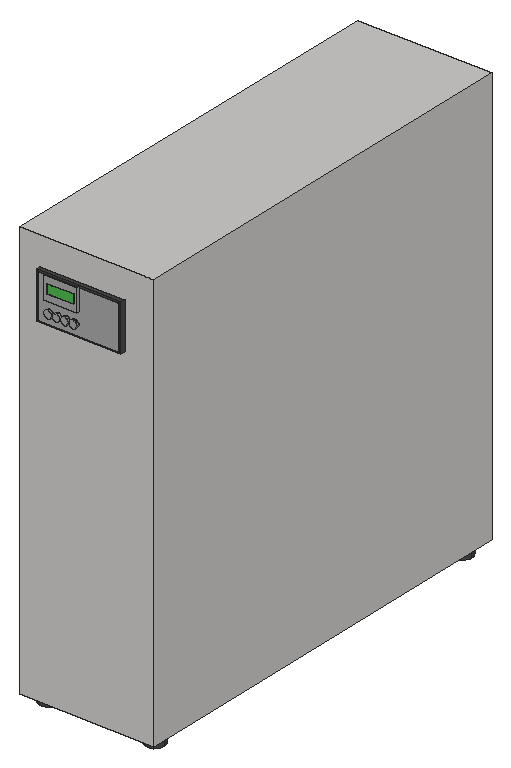
Revit family "QF_ZANUSSI_864388_REVOSFATM", category Attrezzature speciali, Revit 2020
Family settings
  Quota connettore circolare = Usa diametro
  Tipo di parte = Normale
  Basato su piano di lavoro = No
  Sempre verticale = Sì
  Taglio con vuoti quando caricato = No
  Condiviso = No
  Punto di calcolo locali = No
Parameters (values of type "Standard")
  Weight = 0.00 kg
  Watts = 0 W
  Volts = 0 V
  URL Manufacturer = ""
  URL = "http://professional.electrolux.com/"
  Steam Supply Size = 0 mm
  Steam Supply Minimum Pressure = 0.0 Pa
  Steam Supply Maximum Pressure = 0.0 Pa
  Steam Consumption per Hour = 0
  Show Clearance [instance] = yes
  Refrigeration Suction Line Size = 0 mm
  Refrigeration Liquid Line Size = 0 mm
  Refrigerant Compressor Remote = yes
  Prospetto di default = 0 mm
  Produttore = "Zanussi"
  Phase = 0
  Model = "NLDE"
  Length Actual = 143 mm  # constant formula
  Item Number = ""
  Hot Water Size = 0 mm
  Height Actual = 455 mm  # constant formula
  HP = ""
  Gas Size = 0 mm
  Gas KW = 0
  Gas Input Pressure = 0 W
  Direct Waste Size = 0 mm
  Description = "LARGE DRYER WITH DOOR RT-ELEC."
  Depth Actual = 483 mm  # constant formula
  Cycle = 0 Hz
  Condensate Return Size = 0 mm
  Compressed Air Volume = 0.0 L/s
  Compressed Air Size = 0 mm
  Compressed Air Pressure = 0.0 Pa
  Cold Water Size = 0 mm
  Accessory = yes
Reference planes
  plane 1 "Center X": y = -14.242
  plane 2: z = 0
  plane 3 "Center Y": x = 128.437
  plane 4 "LEFT": x = 56.937
  plane 5 "RIGHT": x = 199.937
  plane 6 "BACK": y = 210.758
  plane 7 "FRONT": y = -239.242
  plane 8 "TOP": z = 456
  plane 9: z = 10
  plane 10: x = 71.937
  plane 11: x = 184.937
  plane 12: y = 190.758
  plane 13: y = -219.242
  plane 14: z = 425.907
Forms (mm)
  Extrusion 1, solid, material "QF_Finishes_Stainless Steel"
    sketch origin (48.5, 900.258, 377.242) x (1, 0, 0) y (0, 0, 1)
      loop
        circle (128.437, -14.242) r 8
    from 679.5 to 689.5
  Extrusion 2, solid, material "QF_Finishes_Stainless Steel"
    sketch origin (0, 0, 0) x (1, 0, 0) y (0, 1, 0)
      loop
        line (56.937, 210.758) -> (56.937, -239.242) -> (199.937, -239.242) -> (199.937, 210.758) -> (56.937, 210.758)
    from 10 to 456
  Extrusion 3, solid, material "QF_Finishes_Stainless Steel"
    sketch origin (-4, 900.258, 404.742) x (1, 0, 0) y (0, 0, 1)
      loop
        circle (128.437, -14.242) r 7
    from 679.5 to 689.5
  Extrusion 4, solid, material "QF_Finishes_Stainless Steel"
    sketch origin (43.5, 900.258, 437.242) x (1, 0, 0) y (0, 0, 1)
      loop
        circle (128.437, -14.242) r 7
    from 679.5 to 689.5
  Extrusion 5, solid, material "QF_Finishes_Stainless Steel"
    sketch origin (0, 210.758, -28) x (-1, 0, 0) y (0, 0, 1)
      loop
        line (-96.937, 481) -> (-96.937, 441) -> (-56.937, 441) -> (-56.937, 481) -> (-96.937, 481)
    from 0 to 4
Dimensions and locks
  plane 4 "LEFT" to plane 5 "RIGHT" = 143 mm
  equal spacing: plane 6 "BACK", plane 1 "Center X", plane 7 "FRONT"
  plane 6 "BACK" to plane 7 "FRONT" = 450 mm
  equal spacing: plane 4 "LEFT", plane 3 "Center Y", plane 5 "RIGHT"
  plane 2 to plane 8 "TOP" = 456 mm
  plane 9 to plane 2 = 10 mm
  locked: plane 8 "TOP" to plane 14 at 30.093
  aligned and locked: level to plane 2
  aligned and locked: Extrusion 2 sketch curve to plane 6 "BACK"
  aligned and locked: plane 4 "LEFT" to Extrusion 2 sketch curve
  aligned and locked: plane 7 "FRONT" to Extrusion 2 sketch curve
  aligned and locked: Extrusion 2 sketch curve to plane 5 "RIGHT"
  aligned and locked: Extrusion 2 to plane 8 "TOP"
  aligned and locked: Extrusion 2 to plane 9
  aligned and locked: nested 5 to plane 14
  aligned and locked: plane 3 "Center Y" to nested 5
Automatic sketch dimensions
  plane 11 to Extrusion 1 sketch curve = 8 mm
  Extrusion 1 sketch curve to plane 14 = 62.907 mm
  plane 10 to Extrusion 3 sketch curve = 52.5 mm
  Extrusion 3 sketch curve to plane 14 = 35.407 mm
  Extrusion 4 sketch curve to plane 14 = 2.907 mm
  plane 11 to Extrusion 4 sketch curve = 13 mm
  plane 10 to Extrusion 5 sketch curve = 25 mm
  Extrusion 5 sketch curve to plane 4 "LEFT" = 0 mm
  plane 8 "TOP" to Extrusion 5 sketch curve = 3 mm
  Extrusion 5 sketch curve to plane 14 = 12.907 mm
  radius of Extrusion 1 sketch curve = 8 mm
  radius of Extrusion 3 sketch curve = 7 mm
  radius of Extrusion 4 sketch curve = 7 mm
Nested families
  nested 1: "Piedino_BASSO_PARAM_BLACK - DISHWASHING" at (71.937, 190.758, 0), type "Piedino_BASSO_PARAM_BLACK - DISHWASHING"
    with MAT_PIEDE QF_Finishes_Black, Raggio_Piede 10 mm, H 10 mm
  nested 2: "Piedino_BASSO_PARAM_BLACK - DISHWASHING" at (71.937, -219.242, 0), type "Piedino_BASSO_PARAM_BLACK - DISHWASHING"
    with MAT_PIEDE QF_Finishes_Black, Raggio_Piede 10 mm, H 10 mm
  nested 3: "Piedino_BASSO_PARAM_BLACK - DISHWASHING" at (184.937, 190.758, 0) x (-1, 0, 0) z (0, 0, 1), type "Piedino_BASSO_PARAM_BLACK - DISHWASHING"
    with MAT_PIEDE QF_Finishes_Black, Raggio_Piede 10 mm, H 10 mm
  nested 4: "Piedino_BASSO_PARAM_BLACK - DISHWASHING" at (184.937, -219.242, 0) x (-1, 0, 0) z (0, 0, 1), type "Piedino_BASSO_PARAM_BLACK - DISHWASHING"
    with MAT_PIEDE QF_Finishes_Black, Raggio_Piede 10 mm, H 10 mm
  nested 5: "Schermo_Osmosi" at (123.372, -239.242, 400.907) x (1, 0, 0) z (0, -1, 0), type "Schermo_Osmosi"
Connectors
  piping at (176.937, 220.758, 363), diameter 15.9
    settings: on Extrusion 1, index 1, connector inside diameter 609.6 mm, connector length 0 mm, flow factor 0, pipe flow 0.0 L/s, pressure drop 0.0 Pa, fitting loss kfactor 0, connector angle 0.00°, fixture units 0, engagement length 0 mm, angle of deflection 0.00°, flow configuration 0, flow direction 0, fitting loss method 0, system type 29, joint type 0, gender type 0, connector reference index -1, connector utility 0, adjustable connector no, is connector primary yes, connector description "DRAIN"
  piping at (124.437, 220.758, 390.5), diameter 12.9
    settings: on Extrusion 3, index 2, connector inside diameter 609.6 mm, connector length 0 mm, flow factor 0, pipe flow 0.0 L/s, pressure drop 0.0 Pa, fitting loss kfactor 0, connector angle 0.00°, fixture units 0, engagement length 0 mm, angle of deflection 0.00°, flow configuration 0, flow direction 0, fitting loss method 0, system type 29, joint type 0, gender type 0, connector reference index -1, connector utility 0, adjustable connector no, is connector primary no, connector description "Cold Water Out"
  piping at (171.937, 220.758, 423), driven by "Cold Water Size"
    settings: on Extrusion 4, index 3, connector diameter 0 mm, connector inside diameter 609.6 mm, connector length 0 mm, flow factor 0, pipe flow 0.0 L/s, pressure drop 0.0 Pa, fitting loss kfactor 0, connector angle 0.00°, fixture units 0, engagement length 0 mm, angle of deflection 0.00°, flow configuration 0, flow direction 0, fitting loss method 0, system type 29, joint type 0, gender type 0, connector reference index -1, connector utility 0, adjustable connector no, is connector primary no, connector description "Cold Water Inlet"
  electrical at (76.937, 214.758, 433), driven by "Volts"
    settings: on Extrusion 5, index 4, voltage 0 V, apparent load 0 VA, apparent load phase1 0 VA, apparent load phase2 0 VA, apparent load phase3 0 VA, power factor 1, load classification "Altro", number of poles 1, system type 31, power factor state 1, is connector primary yes, connector utility no, sub classification motor no, connector description "Electrical Connection"
Definition of nested family "Piedino_BASSO_PARAM_BLACK - DISHWASHING"
  Parameters (values of type "Piedino_BASSO_PARAM_BLACK - DISHWASHING")
    Default Elevation = 0 mm
    Raggio_Piede = 20 mm
    MAT_PIEDE [instance] = none
    H = 20 mm
  Reference planes
    plane 1: y = 0
    plane 2: z = 0
    plane 3: x = 0
    plane 4: z = 20
  Forms (mm)
    Extrusion 1, solid, material <- "MAT_PIEDE"
      sketch origin (-373.847, 979.72, 0) x (1, 0, 0) y (0, 1, 0)
        loop
          circle (373.847, -979.72) r 20
      from 0 to 20
  Dimensions and locks
    "H": plane 2 to plane 4
    "Raggio_Piede": radius of Extrusion 1 sketch curve
    aligned and locked: level to plane 2
    aligned and locked: Extrusion 1 to plane 4
    aligned and locked: Extrusion 1 to plane 2
  Automatic sketch dimensions
    plane 1 to Extrusion 1 sketch curve = 0 mm
    Extrusion 1 sketch curve to plane 3 = 0 mm
Definition of nested family "Schermo_Osmosi"
  Parameters (values of type "Schermo_Osmosi")
    W = 89.869 mm
    Default Elevation = 1219.2 mm
    H = 5 mm
    D = 50 mm
  Reference planes
    plane 1 "Centro (Fronte/Retro)": y = 0
    plane 2: z = 0
    plane 3 "Centro (Sinistra/Destra)": x = 0
    plane 4: x = -44.935
    plane 5: x = 44.935
    plane 6: y = 25
    plane 7: y = -25
    plane 8: x = -34.935
    plane 9: x = 5.065
    plane 10: z = 5
    plane 11: z = 7
  Forms (mm)
    Extrusion 1, solid
      sketch origin (0, 0, 0) x (1, 0, 0) y (0, 1, 0)
        loop
          line (-1219.2, 1219.2) -> (-1219.2, -1219.2) -> (1219.2, -1219.2) -> (1219.2, 1219.2) -> (-1219.2, 1219.2)
      from 0 to -304.8
    Extrusion 2, solid
      sketch origin (-406.364, -222.016, 5) x (0, 1, 0) y (-1, 0, 0)
        loop
          line (247.016, -361.43) -> (197.016, -361.43) -> (197.016, -451.299) -> (247.016, -451.299) -> (247.016, -361.43)
        loop
          line (245.516, -362.93) -> (198.166, -362.93) -> (198.166, -449.799) -> (245.516, -449.799) -> (245.516, -362.93)
      from 0 to -5
    Extrusion 3, solid
      sketch origin (-406.364, -222.016, 5) x (0, 1, 0) y (-1, 0, 0)
        loop
          line (245.516, -362.93) -> (198.166, -362.93) -> (198.166, -449.799) -> (245.516, -449.799) -> (245.516, -362.93)
      from 0 to -5
    Extrusion 4, solid
      sketch origin (0, 0, 0) x (1, 0, 0) y (0, 1, 0)
        loop
          line (-34.935, 23.5) -> (-34.935, 0) -> (0, 0) -> (0, 23.5) -> (-34.935, 23.5)
        loop
          line (-31.935, 16.5) -> (-31.935, 7) -> (-3, 7) -> (-3, 16.5) -> (-31.935, 16.5)
      from 5 to 7
    Extrusion 5, solid
      sketch origin (0, 0, 0) x (1, 0, 0) y (0, 1, 0)
        loop
          circle (-30.935, -12.745) r 4
        loop
          circle (-21.935, -12.745) r 4
        loop
          circle (-13, -12.745) r 4
        loop
          circle (-4, -12.745) r 4
      from 5 to 7
    Extrusion 6, solid
      sketch origin (0, 0, 0) x (1, 0, 0) y (0, 1, 0)
        loop
          line (-31.935, 16.5) -> (-31.935, 7) -> (-3, 7) -> (-3, 16.5) -> (-31.935, 16.5)
      from 5 to 7
  Dimensions and locks
    equal spacing: plane 7, plane 1 "Centro (Fronte/Retro)", plane 6
    equal spacing: plane 4, plane 3 "Centro (Sinistra/Destra)", plane 5
    "W": plane 4 to plane 5
    "D": plane 7 to plane 6
    Extrusion 3 to plane 6 = 1.5 mm
    locked: Extrusion 2 sketch curve to Extrusion 2 sketch curve at 1.5  (x3)
    locked: Extrusion 2 sketch curve to Extrusion 2 sketch curve at 1.15
    plane 4 to plane 8 to plane 9 = 10 mm, 40 mm
    "H": plane 10 to plane 2
    locked: plane 11 to plane 10 at 2
    aligned and locked: plane 2 to Extrusion 1
    aligned and locked: level to Extrusion 1
    aligned and locked: Extrusion 2 sketch curve to plane 7
    aligned and locked: Extrusion 2 sketch curve to plane 5
    aligned and locked: Extrusion 3 to Extrusion 2  (x4)
    aligned and locked: Extrusion 2 to Extrusion 4 sketch curve
    aligned and locked: plane 8 to Extrusion 4 sketch curve
    aligned and locked: Extrusion 4 sketch curve to plane 1 "Centro (Fronte/Retro)"
    aligned and locked: Extrusion 4 sketch curve to plane 3 "Centro (Sinistra/Destra)"
    aligned and locked: Extrusion 6 sketch curve to Extrusion 4  (x4)
    aligned and locked: Extrusion 5 to plane 10
    aligned and locked: Extrusion 4 to plane 10
    aligned and locked: Extrusion 6 to plane 10
    aligned and locked: Extrusion 5 to plane 11
    aligned and locked: Extrusion 4 to plane 11
    aligned and locked: Extrusion 6 to plane 11
  Automatic sketch dimensions
    Extrusion 1 sketch curve to Extrusion 1 sketch curve = 2438.4 mm  (x2)
    plane 1 "Centro (Fronte/Retro)" to Extrusion 3 sketch curve = 23.85 mm
    Extrusion 3 sketch curve to plane 1 "Centro (Fronte/Retro)" = 23.5 mm
    Extrusion 3 sketch curve to plane 5 = 1.5 mm
    plane 4 to Extrusion 3 sketch curve = 1.5 mm
    plane 6 to Extrusion 2 sketch curve = 0 mm
    Extrusion 2 sketch curve to plane 4 = 0 mm
    plane 8 to Extrusion 4 sketch curve = 3 mm
    Extrusion 4 sketch curve to plane 3 "Centro (Sinistra/Destra)" = 3 mm
    Extrusion 4 sketch curve to plane 1 "Centro (Fronte/Retro)" = 7 mm
    plane 6 to Extrusion 4 sketch curve = 8.5 mm
    plane 1 "Centro (Fronte/Retro)" to Extrusion 5 sketch curve = 12.745 mm
    Extrusion 5 sketch curve to Extrusion 5 sketch curve = 0 mm  (x3)
    Extrusion 5 sketch curve to plane 3 "Centro (Sinistra/Destra)" = 4 mm
    Extrusion 5 sketch curve to Extrusion 5 sketch curve = 8.935 mm
    Extrusion 5 sketch curve to Extrusion 5 sketch curve = 9 mm
    plane 8 to Extrusion 5 sketch curve = 4 mm
    radius of Extrusion 5 sketch curve = 4 mm  (x4)
